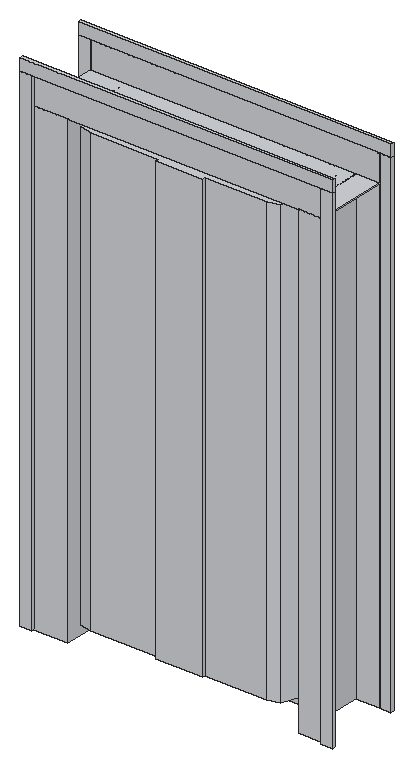
Revit family "DSP_A3-Vault-Door-3732", category Doors, host Wall, Revit 2016
Family settings
  Host = Wall
  Always vertical = Yes
  Cut with Voids When Loaded = No
  Shared = No
  Room Calculation Point = No
Parameters (values of type "DSP-Vault Door 3732")
  Vault Door Visible [instance] = yes
  Steel Plate = none
  Function = Interior
  Frame Projection Ext. = 0' - 1"
  Frame Projection Int. = 0' - 1"
  Frame Width = 0' - 3"
  Height = 6' - 8"
  Wall Closure = By host
  Width = 3' - 0"
  Concrete = none
Reference planes (in)
  plane 1 "Center (Front/Back)": y = 0
  plane 2 "Center (Left/Right)": x = 0
  plane 3 "Left": x = -18
  plane 4 "Right": x = 18
  plane 5 "Top": z = 80
  plane 6: y = 6
  plane 7: x = -25.875
  plane 8: x = 27.375
  plane 9: x = 25.25
  plane 10: x = -23.75
  plane 11: z = 84.75
  plane 12: z = 86.75
  plane 13: x = 20.25
  plane 14: x = 10.562
  plane 15: z = 40
  plane 16: z = 43.75
  plane 17: z = 36.25
  plane 18: x = 21.25
Forms (in)
  Extrusion 1, solid, material <- "Concrete", visible <- "Vault Door Visible"
    sketch origin (0, 0.125, 0) x (1, 0, 0) y (0, 1, 0)
      loop
        line (-18, 5.875) -> (-18, -0.125) -> (18, -0.125) -> (20.25, 5.875) -> (-18, 5.875)
    from 0 to 80 <- "Height"
  Extrusion 2, solid, material <- "Steel Plate"
    sketch origin (0, 0, 0) x (1, 0, 0) y (0, 1, 0)
      loop
        line (25.375, 6) -> (25.375, 6.125) -> (21.25, 6.125) -> (21.25, -6.125) -> (25.375, -6.125) -> (25.375, -6) -> (21.375, -6) -> (21.375, 6) -> (25.375, 6)
    from 0 to 80
  Extrusion 3, solid, material <- "Steel Plate"
    sketch origin (0, 0, 0) x (1, 0, 0) y (0, 1, 0)
      loop
        line (-23.875, 6) -> (-18.125, 6) -> (-18.125, -6) -> (-23.875, -6) -> (-23.875, -6.125) -> (-18, -6.125) -> (-18, 6.125) -> (-23.875, 6.125) -> (-23.875, 6)
    from 0 to 80
  Extrusion 4, solid, material <- "Steel Plate", visible <- "Vault Door Visible"
    sketch origin (0, 0, 0) x (1, 0, 0) y (0, 1, 0)
      loop
        line (-22.25, 6.125) -> (-3.75, 6.125) -> (-3.75, 10.125) -> (-22.25, 10.125) -> (-22.25, 6.125)
    from 0 to 80 <- "Height"
  Extrusion 5, solid, material <- "Concrete"
    sketch origin (2.25, 0, 0) x (1, 0, 0) y (0, 1, 0)
      loop
        line (19, 0) -> (19, 6.125) -> (18, 6.125) -> (18, 6) -> (15.75, 0) -> (19, 0)
    from 0 to 80 <- "Height"
  Extrusion 6, solid, material <- "Steel Plate", visible <- "Vault Door Visible"
    sketch origin (0, 0, 0) x (1, 0, 0) y (0, 1, 0)
      loop
        line (-17.5, 0) -> (-17.5, -3.9641) -> (-15.5, -4.5) -> (-4, -4.5) -> (-4, -5) -> (4, -5) -> (4, -4.5) -> (14.51007, -4.5) -> (16.51384, -3.96309) -> (18, 0) -> (-17.5, 0)
    from 2 to 78
  Extrusion 7, solid, material <- "Steel Plate"
    sketch origin (0, 0, 0) x (0, 1, 0) y (0, 0, 1)
      loop
        line (6, 84.75) -> (6, 80.125) -> (-6, 80.125) -> (-6, 84.75) -> (-6.125, 84.75) -> (-6.125, 80) -> (6.125, 80) -> (6.125, 84.75) -> (6, 84.75)
    from -23.875 to 25.375
  Extrusion 8, solid, material <- "Steel Plate"
    sketch origin (0, 0, 0) x (1, 0, 0) y (0, 1, 0)
      loop
        line (-23.875, -6) -> (-25.875, -6) -> (-25.875, -6.5) -> (-23.875, -6.5) -> (-23.875, -6)
      loop
        line (-23.875, 6) -> (-23.875, 6.5) -> (-25.875, 6.5) -> (-25.875, 6) -> (-23.875, 6)
    from 0 to 84.75
  Extrusion 9, solid, material <- "Steel Plate"
    sketch origin (0, 0, 0) x (1, 0, 0) y (0, 1, 0)
      loop
        line (25.375, 6) -> (27.375, 6) -> (27.375, 6.5) -> (25.375, 6.5) -> (25.375, 6)
      loop
        line (25.375, -6) -> (25.375, -6.5) -> (27.375, -6.5) -> (27.375, -6) -> (25.375, -6)
    from 0 to 84.75
  Extrusion 10, solid, material <- "Steel Plate"
    sketch origin (0, 0, 0) x (0, 1, 0) y (0, 0, 1)
      loop
        line (6.5, 84.75) -> (6.5, 86.75) -> (6, 86.75) -> (6, 84.75) -> (6.5, 84.75)
      loop
        line (-6, 84.75) -> (-6, 86.75) -> (-6.5, 86.75) -> (-6.5, 84.75) -> (-6, 84.75)
    from -25.875 to 27.375
  Extrusion 11, solid, material <- "Steel Plate", visible <- "Vault Door Visible"
    sketch origin (0, 0, 0) x (1, 0, 0) y (0, 1, 0)
      loop
        line (-18, 6) -> (20.25, 6) -> (20.25, 6.125) -> (-18, 6.125) -> (-18, 6)
    from 0 to 80 <- "Height"
  Revolve 12, solid, material <- "Steel Plate", visible <- "Vault Door Visible"
    sketch origin (43.46911, 12, 40) x (1, 0, 0) y (0, 1, 0)
      loop
        line (-33.40711, -5.875) -> (-32.90711, -5.875) -> (-32.90711, -3.625) -> (-34.40711, -3.625) -> (-34.40711, -3.875) -> (-37.90711, -3.875) -> (-37.90711, -3.375) -> (-38.90711, -3.375) -> (-38.90711, -4.375) -> (-33.40711, -4.375) -> (-33.40711, -5.875)
      axis (-32.90711, -3.375) -> (-32.90711, -5.875)
    angle from 0 to 360
  Revolve 13, solid, material <- "Steel Plate", visible <- "Vault Door Visible"
    sketch origin (43.46911, 12, 43.75) x (1, 0, 0) y (0, 1, 0)
      loop
        line (-43.46911, -5.875) -> (-41.96911, -5.875) -> (-41.96911, -5.375) -> (-42.46911, -5.375) -> (-42.46911, -4.72548) -> (-43.46911, -4.72548) -> (-43.46911, -5.875)
      axis (-43.46911, -4.72548) -> (-43.46911, -5.875)
    angle from 0 to 360
  Revolve 14, solid, material <- "Steel Plate", visible <- "Vault Door Visible"
    sketch origin (43.46911, 12, 36.25) x (1, 0, 0) y (0, 1, 0)
      loop
        line (-43.46911, -5.875) -> (-41.96911, -5.875) -> (-41.96911, -5.375) -> (-42.46911, -5.375) -> (-42.46911, -4.72548) -> (-43.46911, -4.72548) -> (-43.46911, -5.875)
      axis (-43.46911, -4.72548) -> (-43.46911, -5.875)
    angle from 0 to 360
Lines and regions (in)
  Opening 1
    outline origin (-90, -6, 0) x (1, 0, 0) y (0, 0, 1)
      loop
        line (66.25, 0) -> (115.25, 0) -> (115.25, 84.75) -> (66.25, 84.75) -> (66.25, 0)
  symbolic lines, style "Vault Door Swing"
    curve 1: line (-23, 10.625, 0) -> (-61.25, 10.625, 0)
    curve 2: line (-61.25, 10.625, 0) -> (-61.25, 10.75, 0)
    curve 3: line (-61.25, 10.75, 0) -> (-57.51384, 20.71309, 0)
    curve 4: line (-57.51384, 20.71309, 0) -> (-55.51007, 21.25, 0)
    curve 5: line (-55.51007, 21.25, 0) -> (-45, 21.25, 0)
    curve 6: line (-45, 21.25, 0) -> (-45, 21.75, 0)
    curve 7: line (-45, 21.75, 0) -> (-37, 21.75, 0)
    curve 8: line (-37, 21.75, 0) -> (-37, 21.25, 0)
    curve 9: line (-37, 21.25, 0) -> (-25.5, 21.25, 0)
    curve 10: line (-25.5, 21.25, 0) -> (-23.5, 20.7141, 0)
    curve 11: line (-23.5, 20.7141, 0) -> (-23.5, 16.75, 0)
    curve 12: line (-23.5, 16.75, 0) -> (-23, 16.75, 0)
    curve 13: line (-23, 16.75, 0) -> (-23, 10.625, 0)
    curve 15: line (-37.25, 6.625, 0) -> (-18.75, 6.625, 0)
    curve 16: line (-37.25, 10.625, 0) -> (-37.25, 6.625, 0)
    curve 17: line (-18.75, 10.625, 0) -> (-37.25, 10.625, 0)
    curve 18: line (-18.75, 6.625, 0) -> (-18.75, 10.625, 0)
    curve 19: arc (20.25, 6.125, 0) -> (-18.17629, 49.12086, 0) -> (-61.24159, 10.77242, 0) r 40.81207
  symbolic lines, style "Doors"
    curve 14: circle (-20.5, 8.375, 0) r 1.5 normal (0, 0, 1)
    curve 20: line (-22.25, 6.125, 0) -> (-22.25, 10.125, 0)
    curve 21: line (-22.25, 10.125, 0) -> (-18.75, 10.125, 0)
    curve 22: line (-18.75, 10.125, 0) -> (-18.75, 6.125, 0)
  symbolic lines, style "DoorsFrameMullionProjection"
    curve 23: line (-25.875, -6.5, 0) -> (-23.875, -6.5, 0)
    curve 24: line (-25.875, -6, 0) -> (-25.875, -6.5, 0)
    curve 25: line (-23.875, -6.5, 0) -> (-23.875, -6.125, 0)
    curve 26: line (-23.875, -6.125, 0) -> (-18, -6.125, 0)
    curve 27: line (-18.125, -6, 0) -> (-23.875, -6, 0)
    curve 28: line (-18.125, 6, 0) -> (-18.125, -6, 0)
    curve 29: line (-18, -6.125, 0) -> (-18, 6.125, 0)
    curve 30: line (-23.875, 6, 0) -> (-18.125, 6, 0)
    curve 31: line (-23.875, 6.125, 0) -> (-23.875, 6.5, 0)
    curve 32: line (-23.875, 6.5, 0) -> (-25.875, 6.5, 0)
    curve 33: line (-25.875, 6.5, 0) -> (-25.875, 6, 0)
    curve 34: line (27.375, 6, 0) -> (27.375, 6.5, 0)
    curve 35: line (27.375, 6.5, 0) -> (25.375, 6.5, 0)
    curve 36: line (25.375, 6.5, 0) -> (25.375, 6.125, 0)
    curve 37: line (25.375, 6.125, 0) -> (20.25, 6.125, 0)
    curve 38: line (21.375, 6, 0) -> (25.375, 6, 0)
    curve 39: line (21.25, 6.125, 0) -> (21.25, -6.125, 0)
    curve 40: line (21.375, -6, 0) -> (21.375, 6, 0)
    curve 41: line (21.25, -6.125, 0) -> (25.375, -6.125, 0)
    curve 42: line (25.375, -6, 0) -> (21.375, -6, 0)
    curve 43: line (25.375, -6.125, 0) -> (25.375, -6.5, 0)
    curve 44: line (25.375, -6.5, 0) -> (27.375, -6.5, 0)
    curve 45: line (27.375, -6.5, 0) -> (27.375, -6, 0)
    curve 46: line (-18, 6.125, 0) -> (-23.875, 6.125, 0)
Text (in)
  text "Exterior" at (-74.96733, 27.31104, 0), in view "Ref. Level"
  text "Interior" at (-74.96733, -25.14366, 0), in view "Ref. Level"
  text "Exterior" at (0, 40.15149, 123.01588), in view "Right"
  text "Interior" at (0, -64.39139, 123.01588), in view "Right"
  text "Interior" at (0, -31.01599, 123.00693), in view "Left"
  text "Exterior" at (0, 54.57065, 123.00693), in view "Left"
Dimensions and locks (in)
  equal spacing: plane 3 "Left", plane 2 "Center (Left/Right)", plane 4 "Right"
  "Height": level to plane 5 "Top"
  "Width": plane 3 "Left" to plane 4 "Right"
  locked: plane 7 to plane 2 "Center (Left/Right)" at 25.875
  locked: plane 10 to plane 9 at 49
  locked: plane 7 to plane 10 at 2.125
  locked: plane 9 to plane 8 at 2.125
  level to plane 15 = 3' - 4"
  locked: plane 5 "Top" to plane 11 at 4.75
  locked: plane 11 to plane 12 at 2
  aligned and locked: Opening 1 sketch curve to level
  aligned and locked: plane 6 to host wall
  aligned and locked: plane 9 to Opening 1 sketch curve
  aligned and locked: plane 10 to Opening 1 sketch curve
  aligned and locked: plane 11 to Opening 1 sketch curve
  aligned and locked: Extrusion 7 to Extrusion 2
  aligned and locked: Extrusion 3 to Extrusion 7
  aligned and locked: Extrusion 2 to plane 5 "Top"
  aligned and locked: Extrusion 3 to plane 5 "Top"
  aligned and locked: plane 7 to Extrusion 8 sketch curve
  aligned and locked: plane 8 to Extrusion 9 sketch curve
  aligned and locked: Extrusion 9 sketch curve to plane 8
  aligned and locked: host wall to Extrusion 9
  aligned and locked: Extrusion 8 to host wall
  aligned and locked: plane 8 to Extrusion 10
  aligned and locked: Extrusion 10 to plane 7
  aligned and locked: Extrusion 1 sketch curve to host wall
  aligned and locked: Extrusion 11 to Revolve 12 sketch curve
Automatic sketch dimensions
  Extrusion 1 sketch curve to plane 3 "Left" = 0' - 0"
  Extrusion 1 sketch curve to host wall = 0' - 0"
  Extrusion 1 sketch curve to plane 4 "Right" = 0' - 0"
  Extrusion 1 sketch curve to plane 13 = 0' - 0"
  Extrusion 2 sketch curve to plane 13 = 0' - 1"
  Extrusion 2 sketch curve to host wall = 0' - 0"  (x2)
  Extrusion 2 sketch curve to plane 13 = 0' - 1 1/8"
  plane 9 to Extrusion 2 sketch curve = 0' - 0 1/8"  (x2)
  host wall to Extrusion 2 sketch curve = 0' - 0 1/8"  (x2)
  Extrusion 3 sketch curve to host wall = 0' - 0"  (x2)
  Extrusion 3 sketch curve to plane 3 "Left" = 0' - 0"
  plane 3 "Left" to Extrusion 3 sketch curve = 0' - 0 1/8"
  Extrusion 3 sketch curve to plane 10 = 0' - 0 1/8"  (x2)
  host wall to Extrusion 3 sketch curve = 0' - 0 1/8"  (x2)
  plane 10 to Extrusion 4 sketch curve = 0' - 1 1/2"
  host wall to Extrusion 4 sketch curve = 0' - 0 1/8"
  Extrusion 4 sketch curve to plane 2 "Center (Left/Right)" = 0' - 3 3/4"
  Extrusion 4 sketch curve to Extrusion 4 sketch curve = 0' - 4"
  Extrusion 7 sketch curve to plane 5 "Top" = 0' - 0"
  Extrusion 7 sketch curve to plane 11 = 0' - 0"  (x2)
  Extrusion 7 sketch curve to host wall = 0' - 0"  (x2)
  host wall to Extrusion 7 sketch curve = 0' - 0 1/8"  (x2)
  Extrusion 7 sketch curve to plane 5 "Top" = 0' - 0 1/8"
  Extrusion 8 sketch curve to host wall = 0' - 0"  (x2)
  Extrusion 8 sketch curve to plane 7 = 0' - 0"
  Extrusion 8 sketch curve to plane 10 = 0' - 0 1/8"  (x2)
  host wall to Extrusion 8 sketch curve = 0' - 0 1/2"  (x2)
  Extrusion 9 sketch curve to host wall = 0' - 0"  (x2)
  Extrusion 9 sketch curve to plane 8 = 0' - 0"
  plane 9 to Extrusion 9 sketch curve = 0' - 0 1/8"  (x2)
  host wall to Extrusion 9 sketch curve = 0' - 0 1/2"  (x2)
  Extrusion 10 sketch curve to plane 11 = 0' - 0"  (x2)
  Extrusion 10 sketch curve to plane 12 = 0' - 0"  (x2)
  Extrusion 10 sketch curve to host wall = 0' - 0"  (x2)
  host wall to Extrusion 10 sketch curve = 0' - 0 1/2"  (x2)
  Extrusion 11 sketch curve to plane 3 "Left" = 0' - 0"
  Extrusion 11 sketch curve to plane 13 = 0' - 0"
  Extrusion 11 sketch curve to host wall = 0' - 0"
  Extrusion 11 sketch curve to Extrusion 11 sketch curve = 0' - 0 1/8"
  Revolve 12 sketch curve to plane 14 = 0' - 0"  (x2)
  Revolve 12 sketch curve to Revolve 12 sketch curve = 0' - 0 1/2"  (x3)
  Revolve 12 sketch curve to Revolve 12 sketch curve = 0' - 1 1/2"
  Revolve 12 sketch curve to Revolve 12 sketch curve = 0' - 3 1/2"
  Revolve 12 sketch curve to Revolve 12 sketch curve = 0' - 1"
  Revolve 12 sketch curve to Revolve 12 sketch curve = 0' - 0"  (x2)
  host wall to Revolve 12 sketch curve = 0' - 1 5/8"
  Revolve 12 sketch curve to Revolve 12 sketch curve = 0' - 0 1/4"
  Revolve 13 sketch curve to plane 2 "Center (Left/Right)" = 0' - 0"  (x2)
  plane 2 "Center (Left/Right)" to Revolve 13 sketch curve = 0' - 1"
  host wall to Revolve 13 sketch curve = 0' - 0 1/8"
  Revolve 13 sketch curve to Revolve 13 sketch curve = 0' - 0 1/2"
  Revolve 13 sketch curve to Revolve 13 sketch curve = 0' - 0"  (x2)
  host wall to Revolve 13 sketch curve = 0' - 0 5/8"
  Revolve 13 sketch curve to Revolve 13 sketch curve = 0' - 1.14952"
  Revolve 14 sketch curve to plane 2 "Center (Left/Right)" = 0' - 0"  (x2)
  plane 2 "Center (Left/Right)" to Revolve 14 sketch curve = 0' - 1"
  host wall to Revolve 14 sketch curve = 0' - 0 1/8"
  Revolve 14 sketch curve to Revolve 14 sketch curve = 0' - 0 1/2"
  Revolve 14 sketch curve to Revolve 14 sketch curve = 0' - 0"  (x2)
  host wall to Revolve 14 sketch curve = 0' - 0 5/8"
  Revolve 14 sketch curve to Revolve 14 sketch curve = 0' - 1.14952"
  Extrusion 6 sketch curve to host wall = 0' - 0"
  Extrusion 6 sketch curve to plane 2 "Center (Left/Right)" = 0' - 4"
  Extrusion 6 sketch curve to plane 4 "Right" = 0' - 0"
  Extrusion 6 sketch curve to host wall = 0' - 1"
  Extrusion 6 sketch curve to plane 3 "Left" = 0' - 2 1/2"
  Extrusion 6 sketch curve to plane 3 "Left" = 0' - 0 1/2"
  plane 2 "Center (Left/Right)" to Extrusion 6 sketch curve = 0' - 4"
  Extrusion 6 sketch curve to host wall = 0' - 1 1/2"
  plane 4 "Right" to Extrusion 6 sketch curve = 0' - 3.48993"
  plane 4 "Right" to Extrusion 6 sketch curve = 0' - 1.48616"
  Extrusion 6 sketch curve to host wall = 0' - 2.0359"
  Extrusion 6 sketch curve to host wall = 0' - 2.03691"
  Extrusion 6 sketch curve to Extrusion 6 sketch curve = 0' - 0 1/2"
  curve 14 to curve 19 = 0' - 0"  (x2)
  curve 19 to plane 13 = 0' - 0"
  host wall to curve 17 = 0' - 4 5/8"
  curve 17 to curve 8 = 0' - 0 1/4"
  curve 6 to curve 7 = 0' - 8"
  curve 5 to curve 5 = 0' - 10.51007"
  host wall to curve 4 = 1' - 2.71309"
  curve 4 to curve 4 = 0' - 2.00377"
  host wall to curve 19 = 0' - 4.77242"
  curve 19 to curve 3 = 0' - 3.72775"
  curve 2 to curve 19 = 0' - 0.00841"
  plane 7 to curve 10 = 0' - 0 3/8"
  plane 10 to curve 10 = 0' - 0 1/4"
  curve 11 to curve 12 = 0' - 0 1/2"
  curve 1 to curve 20 = 0' - 0 3/4"
  host wall to curve 14 = 0' - 2 3/8"
  curve 20 to curve 14 = 0' - 1 3/4"
  plane 3 "Left" to curve 18 = 0' - 0 3/4"
  curve 22 to curve 21 = 0' - 0"
  curve 22 to curve 15 = 0' - 0 1/2"
  curve 14 to curve 21 = 0' - 1 3/4"
  curve 2 to curve 2 = 0' - 0 1/8"
  curve 1 to curve 12 = 0' - 6 1/8"
  curve 16 to curve 8 = 0' - 10 5/8"
  curve 3 to curve 4 = 0' - 0.53691"
  curve 8 to curve 7 = 0' - 0 1/2"
  curve 23 to plane 10 = 0' - 0 1/8"
  host wall to curve 23 = 0' - 0 1/2"
  curve 24 to host wall = 0' - 0"
  curve 24 to plane 7 = 0' - 0"
  host wall to curve 26 = 0' - 0 1/8"
  plane 3 "Left" to curve 27 = 0' - 0 1/8"
  curve 28 to host wall = 0' - 0"
  curve 30 to plane 10 = 0' - 0 1/8"
  host wall to curve 31 = 0' - 0 1/2"
  curve 32 to plane 7 = 0' - 0"
  curve 33 to host wall = 0' - 0"
  curve 34 to host wall = 0' - 0"
  host wall to curve 34 = 0' - 0 1/2"
  curve 35 to plane 8 = 0' - 0"
  plane 9 to curve 35 = 0' - 0 1/8"
  host wall to curve 37 = 0' - 0 1/8"
  curve 38 to plane 13 = 0' - 1 1/8"
  host wall to curve 39 = 0' - 0 1/8"
  curve 40 to host wall = 0' - 0"
  plane 9 to curve 41 = 0' - 0 1/8"
  curve 43 to curve 41 = 0' - 0 3/8"
  curve 44 to plane 8 = 0' - 0"
  curve 45 to host wall = 0' - 0"
  curve 42 to host wall = 0' - 0"
  curve 42 to curve 41 = 0' - 0"
  curve 27 to curve 25 = 0' - 0"
  host wall to curve 29 = 0' - 0 1/8"
  curve 46 to plane 3 "Left" = 0' - 0"
  curve 30 to host wall = 0' - 0"
  curve 31 to plane 10 = 0' - 0 1/8"
  curve 38 to curve 36 = 0' - 0"
  curve 41 to plane 13 = 0' - 1"
  Extrusion 5 sketch curve to plane 4 "Right" = 0' - 0"
  Extrusion 5 sketch curve to plane 18 = 0' - 0"
  Extrusion 5 sketch curve to host wall = 0' - 0"  (x2)
  host wall to Extrusion 5 sketch curve = 0' - 0 1/8"
  Extrusion 5 sketch curve to plane 13 = 0' - 0"
  curve 11 to curve 9 = 0' - 0.5359"
  radius of curve 14 = 0' - 1 1/2"
